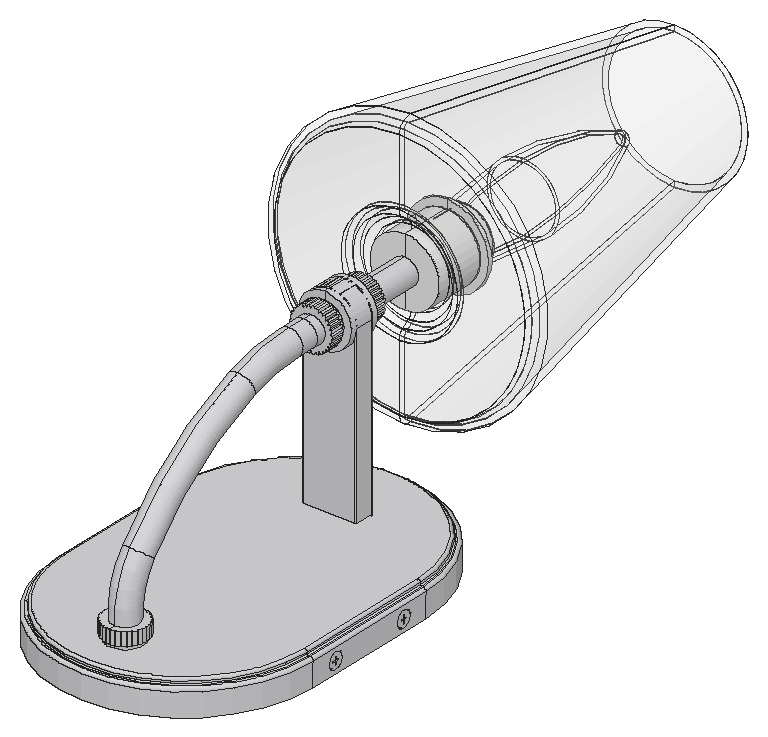
Revit family "Light_Fixture-Wall_Sconce-KOHLER-McGee-K-32255_1", category Lighting Fixtures, host Face, Revit 2021 (continued)
Definition of nested family "K-32255_Handle"
  Lines and regions (in)
    symbolic lines, detail levels medium+fine
      curve 200: spline (0.24596, -2.67717, 0) -> (0.2361, -2.73906, 0) -> (0.21073, -2.79643, 0) -> (0.1715, -2.84551, 0) -> (0.12101, -2.88307, 0) -> (0.06256, -2.90664, 0) -> (0, -2.91467, 0) -> (-0.06256, -2.90664, 0) -> (-0.12101, -2.88307, 0) -> (-0.1715, -2.84551, 0) -> (-0.21073, -2.79643, 0) -> (-0.2361, -2.73906, 0) -> (-0.24596, -2.67717, 0)
      curve 201: line (-0.24596, -2.67717, 0) -> (-0.24596, 1.62688, 0)
      curve 202: line (0.24596, -2.67717, 0) -> (0.24596, 1.62688, 0)
      curve 203: line (-0.3937, 1.62688, 0) -> (0.39333, 1.62688, 0)
      curve 204: line (0.39333, 1.86314, 0) -> (-0.3937, 1.86314, 0)
      curve 205: line (-0.3937, 1.86314, 0) -> (-0.3937, 1.62688, 0)
      curve 206: line (0.39333, 1.86314, 0) -> (0.39333, 1.62688, 0)
      curve 207: line (-0.49213, 2.5324, 0) -> (0.49213, 2.5324, 0)
      curve 208: line (-0.49213, 2.5324, 0) -> (-0.49213, 1.94185, 0)
      curve 209: line (0.49213, 2.5324, 0) -> (0.49213, 1.94185, 0)
      curve 210: line (0.34459, 1.94185, 0) -> (0.34459, 1.86314, 0)
      curve 211: line (-0.34517, 1.94185, 0) -> (-0.34517, 1.86314, 0)
      curve 212: line (-0.3937, 2.84736, 0) -> (0.3937, 2.84736, 0)
      curve 213: line (0.3937, 2.61111, 0) -> (-0.3937, 2.61111, 0)
      curve 214: line (-0.3937, 2.61111, 0) -> (-0.3937, 2.84736, 0)
      curve 215: line (0.3937, 2.61111, 0) -> (0.3937, 2.84736, 0)
      curve 216: line (-0.34552, 2.5324, 0) -> (-0.34552, 2.61111, 0)
      curve 217: line (0.34288, 2.5324, 0) -> (0.34288, 2.61111, 0)
      curve 218: line (0.38045, -2.67717, 0) -> (0.39347, -2.67109, 0)
      curve 219: line (0.38045, -2.67717, 0) -> (0.39345, -2.68467, 0)
      curve 220: line (0.37213, -2.75626, 0) -> (0.38614, -2.75303, 0)
      curve 221: line (0.37213, -2.75626, 0) -> (0.38329, -2.76631, 0)
      curve 222: line (0.34756, -2.83191, 0) -> (0.36192, -2.83166, 0)
      curve 223: line (0.34756, -2.83191, 0) -> (0.35638, -2.84405, 0)
      curve 224: line (0.30779, -2.90079, 0) -> (0.32189, -2.90353, 0)
      curve 225: line (0.30779, -2.90079, 0) -> (0.31389, -2.9145, 0)
      curve 226: line (0.25457, -2.95989, 0) -> (0.2678, -2.96551, 0)
      curve 227: line (0.25457, -2.95989, 0) -> (0.25769, -2.97458, 0)
      curve 228: line (0.19022, -3.00664, 0) -> (0.202, -3.01488, 0)
      curve 229: line (0.19022, -3.00664, 0) -> (0.19022, -3.02165, 0)
      curve 230: line (0.11756, -3.03899, 0) -> (0.12737, -3.0495, 0)
      curve 231: line (0.11756, -3.03899, 0) -> (0.11444, -3.05367, 0)
      curve 232: line (0.03977, -3.05553, 0) -> (0.04717, -3.06785, 0)
      curve 233: line (0.03977, -3.05553, 0) -> (0.03366, -3.06924, 0)
      curve 234: line (-0.03977, -3.05553, 0) -> (-0.03509, -3.06912, 0)
      curve 235: line (-0.03977, -3.05553, 0) -> (-0.04859, -3.06767, 0)
      curve 236: line (-0.11756, -3.03899, 0) -> (-0.11581, -3.05326, 0)
      curve 237: line (-0.11756, -3.03899, 0) -> (-0.12872, -3.04904, 0)
      curve 238: line (-0.19022, -3.00664, 0) -> (-0.19148, -3.02096, 0)
      curve 239: line (-0.19022, -3.00664, 0) -> (-0.20322, -3.01415, 0)
      curve 240: line (-0.25457, -2.95989, 0) -> (-0.25877, -2.97364, 0)
      curve 241: line (-0.25457, -2.95989, 0) -> (-0.26884, -2.96453, 0)
      curve 242: line (-0.30779, -2.90079, 0) -> (-0.31476, -2.91336, 0)
      curve 243: line (-0.30779, -2.90079, 0) -> (-0.32272, -2.90236, 0)
      curve 244: line (-0.34756, -2.83191, 0) -> (-0.35698, -2.84275, 0)
      curve 245: line (-0.34756, -2.83191, 0) -> (-0.36248, -2.83034, 0)
      curve 246: line (-0.37213, -2.75626, 0) -> (-0.38361, -2.76491, 0)
      curve 247: line (-0.37213, -2.75626, 0) -> (-0.38641, -2.75163, 0)
      curve 248: line (-0.38045, -2.67717, 0) -> (-0.39347, -2.68324, 0)
      curve 249: line (-0.38045, -2.67717, 0) -> (-0.39345, -2.66966, 0)
      curve 250: line (-0.37213, -2.59807, 0) -> (-0.38614, -2.6013, 0)
      curve 251: line (-0.37213, -2.59807, 0) -> (-0.38329, -2.58802, 0)
      curve 252: line (-0.34756, -2.52242, 0) -> (-0.36192, -2.52267, 0)
      curve 253: line (-0.34756, -2.52242, 0) -> (-0.35638, -2.51028, 0)
      curve 254: line (-0.30779, -2.45354, 0) -> (-0.32189, -2.4508, 0)
      curve 255: line (-0.30779, -2.45354, 0) -> (-0.31389, -2.43983, 0)
      curve 256: line (-0.25457, -2.39444, 0) -> (-0.2678, -2.38882, 0)
      curve 257: line (-0.25457, -2.39444, 0) -> (-0.25769, -2.37976, 0)
      curve 258: line (0.25457, -2.39444, 0) -> (0.25877, -2.3807, 0)
      curve 259: line (0.25457, -2.39444, 0) -> (0.26884, -2.3898, 0)
      curve 260: line (0.30779, -2.45354, 0) -> (0.31476, -2.44098, 0)
      curve 261: line (0.30779, -2.45354, 0) -> (0.32272, -2.45198, 0)
      curve 262: line (0.34756, -2.52242, 0) -> (0.35698, -2.51158, 0)
      curve 263: line (0.34756, -2.52242, 0) -> (0.36248, -2.52399, 0)
      curve 264: line (0.37213, -2.59807, 0) -> (0.38361, -2.58942, 0)
      curve 265: line (0.37213, -2.59807, 0) -> (0.38641, -2.6027, 0)
      curve 266: arc (0.25877, -2.3807, 0) -> (0.25242, -2.37527, 0) -> (0.24596, -2.36999, 0) r 0.39352
      curve 267: arc (0.31476, -2.44098, 0) -> (0.29292, -2.41438, 0) -> (0.26884, -2.3898, 0) r 0.39352
      curve 268: arc (0.35698, -2.51158, 0) -> (0.34115, -2.48103, 0) -> (0.32272, -2.45198, 0) r 0.39352
      curve 269: arc (0.38361, -2.58942, 0) -> (0.37448, -2.55624, 0) -> (0.36248, -2.52399, 0) r 0.39352
      curve 270: arc (0.39347, -2.67109, 0) -> (0.39144, -2.63674, 0) -> (0.38641, -2.6027, 0) r 0.39352
      curve 271: arc (0.38614, -2.75303, 0) -> (0.39129, -2.71901, 0) -> (0.39345, -2.68467, 0) r 0.39352
      curve 272: arc (0.36192, -2.83166, 0) -> (0.37404, -2.79945, 0) -> (0.38329, -2.76631, 0) r 0.39352
      curve 273: arc (0.32189, -2.90353, 0) -> (0.34044, -2.87454, 0) -> (0.35638, -2.84405, 0) r 0.39352
      curve 274: arc (0.2678, -2.96551, 0) -> (0.29196, -2.94101, 0) -> (0.31389, -2.9145, 0) r 0.39352
      curve 275: arc (0.202, -3.01488, 0) -> (0.23072, -2.99595, 0) -> (0.25769, -2.97458, 0) r 0.39352
      curve 276: arc (0.12737, -3.0495, 0) -> (0.1594, -3.03695, 0) -> (0.19022, -3.02165, 0) r 0.39352
      curve 277: arc (0.04717, -3.06785, 0) -> (0.08112, -3.06223, 0) -> (0.11444, -3.05367, 0) r 0.39352
      curve 278: arc (-0.03509, -3.06912, 0) -> (-0.00072, -3.07068, 0) -> (0.03366, -3.06924, 0) r 0.39352
      curve 279: arc (-0.11581, -3.05326, 0) -> (-0.08252, -3.06193, 0) -> (-0.04859, -3.06767, 0) r 0.39352
      curve 280: arc (-0.19148, -3.02096, 0) -> (-0.16071, -3.03637, 0) -> (-0.12872, -3.04904, 0) r 0.39352
      curve 281: arc (-0.25877, -2.97364, 0) -> (-0.23188, -2.99511, 0) -> (-0.20322, -3.01415, 0) r 0.39352
      curve 282: arc (-0.31476, -2.91336, 0) -> (-0.29292, -2.93995, 0) -> (-0.26884, -2.96453, 0) r 0.39352
      curve 283: arc (-0.35698, -2.84275, 0) -> (-0.34115, -2.8733, 0) -> (-0.32272, -2.90236, 0) r 0.39352
      curve 284: arc (-0.38361, -2.76491, 0) -> (-0.37448, -2.79809, 0) -> (-0.36248, -2.83034, 0) r 0.39352
      curve 285: arc (-0.39347, -2.68324, 0) -> (-0.39144, -2.71759, 0) -> (-0.38641, -2.75163, 0) r 0.39352
      curve 286: arc (-0.38614, -2.6013, 0) -> (-0.39129, -2.63532, 0) -> (-0.39345, -2.66966, 0) r 0.39352
      curve 287: arc (-0.36192, -2.52267, 0) -> (-0.37404, -2.55488, 0) -> (-0.38329, -2.58802, 0) r 0.39352
      curve 288: arc (-0.32189, -2.4508, 0) -> (-0.34044, -2.47979, 0) -> (-0.35638, -2.51028, 0) r 0.39352
      curve 289: arc (-0.2678, -2.38882, 0) -> (-0.29196, -2.41332, 0) -> (-0.31389, -2.43983, 0) r 0.39352
      curve 290: arc (-0.24596, -2.36999, 0) -> (-0.25187, -2.37481, 0) -> (-0.25769, -2.37976, 0) r 0.39352
      curve 291: line (-0.3812, 2.84736, 0) -> (-0.3812, 2.61111, 0)
      curve 292: line (-0.36625, 2.84736, 0) -> (-0.36625, 2.61111, 0)
      curve 293: line (-0.3524, 2.84736, 0) -> (-0.3524, 2.61111, 0)
      curve 294: line (-0.32822, 2.84736, 0) -> (-0.32822, 2.61111, 0)
      curve 295: line (-0.30821, 2.84736, 0) -> (-0.30821, 2.61111, 0)
      curve 296: line (-0.27584, 2.84736, 0) -> (-0.27584, 2.61111, 0)
      curve 297: line (-0.25054, 2.84736, 0) -> (-0.25054, 2.61111, 0)
      curve 298: line (-0.21141, 2.84736, 0) -> (-0.21141, 2.61111, 0)
      curve 299: line (-0.18192, 2.84736, 0) -> (-0.18192, 2.61111, 0)
      curve 300: line (-0.14578, 2.84736, 0) -> (-0.14578, 2.61111, 0)
      curve 301: line (-0.13774, 2.84736, 0) -> (-0.13774, 2.61111, 0)
      curve 302: line (-0.10536, 2.84736, 0) -> (-0.10536, 2.61111, 0)
      curve 303: line (-0.07452, 2.84736, 0) -> (-0.07452, 2.61111, 0)
      curve 304: line (-0.05804, 2.61111, 0) -> (-0.05804, 2.84736, 0)
      curve 305: line (-0.02418, 2.84736, 0) -> (-0.02418, 2.61111, 0)
      curve 306: line (0.3937, 2.61111, 0) -> (0.3937, 2.84736, 0)
      curve 307: line (0.3812, 2.84736, 0) -> (0.3812, 2.61111, 0)
      curve 308: line (0.36625, 2.84736, 0) -> (0.36625, 2.61111, 0)
      curve 309: line (0.3524, 2.84736, 0) -> (0.3524, 2.61111, 0)
      curve 310: line (0.32822, 2.84736, 0) -> (0.32822, 2.61111, 0)
      curve 311: line (0.30821, 2.84736, 0) -> (0.30821, 2.61111, 0)
      curve 312: line (0.27584, 2.84736, 0) -> (0.27584, 2.61111, 0)
      curve 313: line (0.25054, 2.84736, 0) -> (0.25054, 2.61111, 0)
      curve 314: line (0.21141, 2.84736, 0) -> (0.21141, 2.61111, 0)
      curve 315: line (0.18192, 2.84736, 0) -> (0.18192, 2.61111, 0)
      curve 316: line (0.14578, 2.84736, 0) -> (0.14578, 2.61111, 0)
      curve 317: line (0.13774, 2.84736, 0) -> (0.13774, 2.61111, 0)
      curve 318: line (0.10536, 2.84736, 0) -> (0.10536, 2.61111, 0)
      curve 319: line (0.07452, 2.84736, 0) -> (0.07452, 2.61111, 0)
      curve 320: line (0.05804, 2.61111, 0) -> (0.05804, 2.84736, 0)
      curve 321: line (0.02418, 2.84736, 0) -> (0.02418, 2.61111, 0)
      curve 322: line (0, 2.84736, 0) -> (0, 2.61111, 0)
      curve 323: line (-0.3812, 1.86314, 0) -> (-0.3812, 1.62688, 0)
      curve 324: line (-0.36625, 1.86314, 0) -> (-0.36625, 1.62688, 0)
      curve 325: line (-0.3524, 1.86314, 0) -> (-0.3524, 1.62688, 0)
      curve 326: line (-0.32822, 1.86314, 0) -> (-0.32822, 1.62688, 0)
      curve 327: line (-0.30821, 1.86314, 0) -> (-0.30821, 1.62688, 0)
      curve 328: line (-0.27584, 1.86314, 0) -> (-0.27584, 1.62688, 0)
      curve 329: line (-0.25054, 1.86314, 0) -> (-0.25054, 1.62688, 0)
      curve 330: line (-0.21141, 1.86314, 0) -> (-0.21141, 1.62688, 0)
      curve 331: line (-0.18192, 1.86314, 0) -> (-0.18192, 1.62688, 0)
      curve 332: line (-0.14578, 1.86314, 0) -> (-0.14578, 1.62688, 0)
      curve 333: line (-0.13774, 1.86314, 0) -> (-0.13774, 1.62688, 0)
      curve 334: line (-0.10536, 1.86314, 0) -> (-0.10536, 1.62688, 0)
      curve 335: line (-0.07452, 1.86314, 0) -> (-0.07452, 1.62688, 0)
      curve 336: line (-0.05804, 1.62688, 0) -> (-0.05804, 1.86314, 0)
      curve 337: line (-0.02418, 1.86314, 0) -> (-0.02418, 1.62688, 0)
      curve 338: line (0, 1.86314, 0) -> (0, 1.62688, 0)
      curve 339: line (0.3812, 1.86314, 0) -> (0.3812, 1.62688, 0)
      curve 340: line (0.36625, 1.86314, 0) -> (0.36625, 1.62688, 0)
      curve 341: line (0.3524, 1.86314, 0) -> (0.3524, 1.62688, 0)
      curve 342: line (0.32822, 1.86314, 0) -> (0.32822, 1.62688, 0)
      curve 343: line (0.30821, 1.86314, 0) -> (0.30821, 1.62688, 0)
      curve 344: line (0.27584, 1.86314, 0) -> (0.27584, 1.62688, 0)
      curve 345: line (0.25054, 1.86314, 0) -> (0.25054, 1.62688, 0)
      curve 346: line (0.21141, 1.86314, 0) -> (0.21141, 1.62688, 0)
      curve 347: line (0.18192, 1.86314, 0) -> (0.18192, 1.62688, 0)
      curve 348: line (0.14578, 1.86314, 0) -> (0.14578, 1.62688, 0)
      curve 349: line (0.13774, 1.86314, 0) -> (0.13774, 1.62688, 0)
      curve 350: line (0.10536, 1.86314, 0) -> (0.10536, 1.62688, 0)
      curve 351: line (0.07452, 1.86314, 0) -> (0.07452, 1.62688, 0)
      curve 352: line (0.05804, 1.62688, 0) -> (0.05804, 1.86314, 0)
      curve 353: line (0.02418, 1.86314, 0) -> (0.02418, 1.62688, 0)
      curve 354: arc (0, -0.62992, 0.21654) -> (0, -0.7874, 0.37402) -> (0, -0.94488, 0.21654) r 0.15748
      curve 355: arc (0, -0.94488, 0.21654) -> (0, -0.7874, 0.05906) -> (0, -0.62992, 0.21654) r 0.15748
      curve 356: arc (0, -0.92575, 0.21654) -> (0, -0.7874, 0.35489) -> (0, -0.64905, 0.21654) r 0.13835
      curve 357: arc (0, -0.64905, 0.21654) -> (0, -0.7874, 0.07819) -> (0, -0.92575, 0.21654) r 0.13835
      curve 358: line (0, -0.76555, 0.23551) -> (0, -0.76555, 0.29635)
      curve 359: line (0, -0.76555, 0.29635) -> (0, -0.80822, 0.29635)
      curve 360: line (0, -0.80822, 0.29635) -> (0, -0.80822, 0.23551)
      curve 361: line (0, -0.80822, 0.23551) -> (0, -0.86827, 0.23551)
      curve 362: line (0, -0.86827, 0.23551) -> (0, -0.86827, 0.19679)
      curve 363: line (0, -0.86827, 0.19679) -> (0, -0.80822, 0.19679)
      curve 364: line (0, -0.80822, 0.19679) -> (0, -0.80822, 0.13674)
      curve 365: line (0, -0.80822, 0.13674) -> (0, -0.76555, 0.13674)
      curve 366: line (0, -0.76555, 0.13674) -> (0, -0.76555, 0.19679)
      curve 367: line (0, -0.76555, 0.19679) -> (0, -0.71024, 0.19679)
      curve 368: line (0, -0.71024, 0.19679) -> (0, -0.71024, 0.23551)
      curve 369: line (0, -0.71024, 0.23551) -> (0, -0.76555, 0.23551)
      curve 370: arc (0, 0.94488, 0.21654) -> (0, 0.7874, 0.37402) -> (0, 0.62992, 0.21654) r 0.15748
      curve 371: arc (0, 0.62992, 0.21654) -> (0, 0.7874, 0.05906) -> (0, 0.94488, 0.21654) r 0.15748
      curve 372: arc (0, 0.64905, 0.21654) -> (0, 0.7874, 0.35489) -> (0, 0.92575, 0.21654) r 0.13835
      curve 373: arc (0, 0.92575, 0.21654) -> (0, 0.7874, 0.07819) -> (0, 0.64905, 0.21654) r 0.13835
      curve 374: line (0, 0.80822, 0.23551) -> (0, 0.80822, 0.29635)
      curve 375: line (0, 0.80822, 0.29635) -> (0, 0.76555, 0.29635)
      curve 376: line (0, 0.76555, 0.29635) -> (0, 0.76555, 0.23551)
      curve 377: line (0, 0.76555, 0.23551) -> (0, 0.71024, 0.23551)
      curve 378: line (0, 0.71024, 0.23551) -> (0, 0.71024, 0.19679)
      curve 379: line (0, 0.71024, 0.19679) -> (0, 0.76555, 0.19679)
      curve 380: line (0, 0.76555, 0.19679) -> (0, 0.76555, 0.13674)
      curve 381: line (0, 0.76555, 0.13674) -> (0, 0.80822, 0.13674)
      curve 382: line (0, 0.80822, 0.13674) -> (0, 0.80822, 0.19679)
      curve 383: line (0, 0.80822, 0.19679) -> (0, 0.86827, 0.19679)
      curve 384: line (0, 0.86827, 0.19679) -> (0, 0.86827, 0.23551)
      curve 385: line (0, 0.86827, 0.23551) -> (0, 0.80822, 0.23551)
  Dimensions and locks (in)
    aligned and locked: plane 2 to level
Definition of nested family "K-32255"
  Parameters
    Material = none
    Default Elevation = 0"
  Reference planes (in)
    plane 1 "Center (Front/Back)": y = 0
    plane 2: z = 0
    plane 3 "Center (Left/Right)": x = 0
    plane 4: x = -2.55512
    plane 5: y = 7.201
    plane 6: x = 2.55512
    plane 7: y = 0.82305
    plane 8: z = 2.55512
    plane 9: z = -2.55512
    plane 10: z = 0
    plane 11: y = 0
    plane 12: y = 5.16866
  Forms (in)
    Revolve 1, solid
      sketch origin (0, 0, 0) x (0, 1, 0) y (0, 0, 1)
        loop
          line (1.10053, 0) -> (1.10053, 0.43888) -> (2.32189, 0.43888) -> (2.32189, 0.52413)
          arc (2.32189, 0.52413) -> (2.31228, 0.54823) -> (2.28871, 0.5591) r 0.03502
          line (2.28871, 0.5591) -> (1.98349, 0.57509) -> (1.98349, 0.77194) -> (1.92713, 0.77194) -> (1.92713, 0.5919)
          arc (1.92713, 0.5919) -> (1.91685, 0.62169) -> (1.88798, 0.63434) r 0.03927
          line (1.88798, 0.63434) -> (0.94481, 0.63434) -> (0.94481, 0) -> (1.10053, 0)
        axis (2.32189, 0) -> (0.94481, 0)
      angle from 0 to 360
    Revolve 2, solid, detail levels medium+fine
      sketch origin (0, 0, 0) x (0, 1, 0) y (0, 0, 1)
        loop
          line (7.201, 1.23343) -> (7.201, 1.35378) -> (1.09184, 2.54977)
          arc (1.09184, 2.54977) -> (0.90522, 2.50257) -> (0.82305, 2.32849) r 0.22548
          line (0.82305, 2.32849) -> (0.82305, 1.08296)
          arc (0.82305, 1.08296) -> (0.84529, 0.99207) -> (0.90699, 0.92171) r 0.19685
          line (0.90699, 0.92171) -> (1.03589, 0.83146)
          arc (1.03589, 0.83146) -> (1.0834, 0.77728) -> (1.10053, 0.70729) r 0.15158
          line (1.10053, 0.70729) -> (1.10053, 0) -> (1.21864, 0) -> (1.21864, 0.69768)
          arc (1.21864, 0.69768) -> (1.18608, 0.83073) -> (1.09576, 0.93372) r 0.28815
          line (1.09576, 0.93372) -> (0.98563, 1.01083)
          arc (0.98563, 1.01083) -> (0.95294, 1.04811) -> (0.94116, 1.09627) r 0.1043
          line (0.94116, 1.09627) -> (0.94116, 2.36396)
          arc (0.94116, 2.36396) -> (0.96964, 2.42431) -> (1.03434, 2.44067) r 0.07817
          line (1.03434, 2.44067) -> (7.201, 1.23343)
        axis (7.201, 0) -> (0.82305, 0)
      angle from 0 to 360
    Revolve 3, solid
      sketch origin (0, 0, 0) x (0, 1, 0) y (0, 0, 1)
        loop
          arc (3.6885, 0.67069) -> (2.6213, 0.5596) -> (1.59984, 0.23112) r 5.18211
          line (1.59984, 0.23112) -> (1.59984, 0) -> (1.64457, 0) -> (1.64457, 0.18624)
          arc (1.64457, 0.18624) -> (2.64464, 0.50415) -> (3.6885, 0.61163) r 5.12305
          arc (3.6885, 0.61163) -> (4.83861, 0.48087) -> (5.93, 0.09525) r 5.12305
          arc (5.93, 0.09525) -> (5.97345, 0.05617) -> (5.98957, 0) r 0.10592
          line (5.98957, 0) -> (6.06422, 0)
          arc (6.06422, 0) -> (6.04118, 0.08068) -> (5.979, 0.13701) r 0.15274
          arc (5.979, 0.13701) -> (4.86443, 0.5355) -> (3.6885, 0.67069) r 5.18211
        axis (6.06422, 0) -> (1.59984, 0)
      angle from 0 to 360
    Revolve 4, solid, detail levels coarse
      sketch origin (0, 0, 0) x (0, 1, 0) y (0, 0, 1)
        loop
          line (7.201, 1.23343) -> (7.201, 1.35378) -> (0.82305, 2.60239) -> (0.82305, 0) -> (0.94116, 0) -> (0.94116, 2.45891) -> (7.201, 1.23343)
        axis (7.201, 0) -> (0.82305, 0)
      angle from 0 to 360
    Revolve 5, solid, material <- "Material"
      sketch origin (0, 0, 0) x (0, 1, 0) y (0, 0, 1)
        loop
          line (0, 0) -> (0.94481, 0) -> (0.94481, 0.24622) -> (0, 0.24622) -> (0, 0)
        axis (0.94481, 0) -> (0, 0)
      angle from 0 to 360
  Lines and regions (in)
    Masking region 1
      outline origin (0, 0, 0) x (1, 0, 0) y (0, 1, 0)
        loop
          line (0, 7.201) -> (-1.35378, 7.201) -> (-2.54977, 1.09184)
          arc (-2.54977, 1.09184) -> (-2.50257, 0.90522) -> (-2.32849, 0.82305) r 0.22548
          line (-2.32849, 0.82305) -> (-0.24622, 0.82305) -> (-0.24622, 0) -> (0, 0) -> (0.24622, 0) -> (0.24622, 0.82305) -> (2.32849, 0.82305)
          arc (2.32849, 0.82305) -> (2.50257, 0.90522) -> (2.54977, 1.09184) r 0.22548
          line (2.54977, 1.09184) -> (1.35378, 7.201) -> (0, 7.201)
    Masking region 2
      outline origin (0, 0, 0) x (0, 1, 0) y (0, 0, 1)
        loop
          line (7.201, 0) -> (7.201, 1.35378) -> (1.09184, 2.54977)
          arc (1.09184, 2.54977) -> (0.90522, 2.50257) -> (0.82305, 2.32849) r 0.22548
          line (0.82305, 2.32849) -> (0.82305, 0.24622) -> (0, 0.24622) -> (0, 0) -> (0, -0.24622) -> (0.82305, -0.24622) -> (0.82305, -2.32849)
          arc (0.82305, -2.32849) -> (0.90522, -2.50257) -> (1.09184, -2.54977) r 0.22548
          line (1.09184, -2.54977) -> (7.201, -1.35378) -> (7.201, 0)
    Masking region 3
      outline origin (0, 0, 0) x (1, 0, 0) y (0, 0, 1)
        loop
          circle (0, 0) r 2.55512
    symbolic lines, detail levels medium+fine
      curve 1: line (-0.24622, 0.82305, 0) -> (0.24622, 0.82305, 0)
      curve 2: line (-2.54977, 1.09184, 0) -> (2.54977, 1.09184, 0)
      curve 3: line (0, 1.09184, 2.54977) -> (0, 1.09184, -2.54977)
      curve 4: line (0, 0.82305, 0.24622) -> (0, 0.82305, -0.24622)
      curve 5: arc (0, 0, -1.35378) -> (1.35378, 0, 0) -> (0, 0, 1.35378) r 1.35378
      curve 6: arc (0, 0, 1.35378) -> (-1.35378, 0, 0) -> (0, 0, -1.35378) r 1.35378
      curve 7: circle (0, 0, 0) r 1.2333 normal (0, -1, 0)
      curve 8: circle (0, 0, 0) r 0.1378 normal (0, -1, 0)
      curve 9: circle (0, 0, 0) r 0.19685 normal (0, -1, 0)
      curve 10: circle (0, 0, 0) r 0.6582 normal (0, 1, 0)
      curve 11: circle (0, 0, 0) r 0.63434 normal (0, 1, 0)
      curve 12: circle (0, 0, 0) r 0.77194 normal (0, -1, 0)
  Dimensions and locks (in)
    aligned and locked: plane 2 to level
Types (6): name | Type | Model | Finish
  (no name) | 1 | "K-32255-SC01-CPL" | KOHLER-Metal-CPL-Polished_Chrome
  CPL-Polished Chrome | 1 | "K-32255-SC01-CPL" | KOHLER-Metal-CPL-Polished_Chrome
  BNL-Brushed Nickel | 2 | "K-32255-SC01-BNL" | KOHLER-Metal-BNL-Brushed_Nickel
  BLL-Matte Black | 3 | "K-32255-SC01-BLL" | KOHLER-Metal-BLL-Matte_Black
  2GL-Brushed Modern Brass | 4 | "K-32255-SC01-2GL" | KOHLER-Metal-2GL-Brushed_Modern_Brass
  SNL-Polished Nickel | 5 | "K-32255-SC01-SNL" | KOHLER-Metal-SNL-Polished_Nickel
